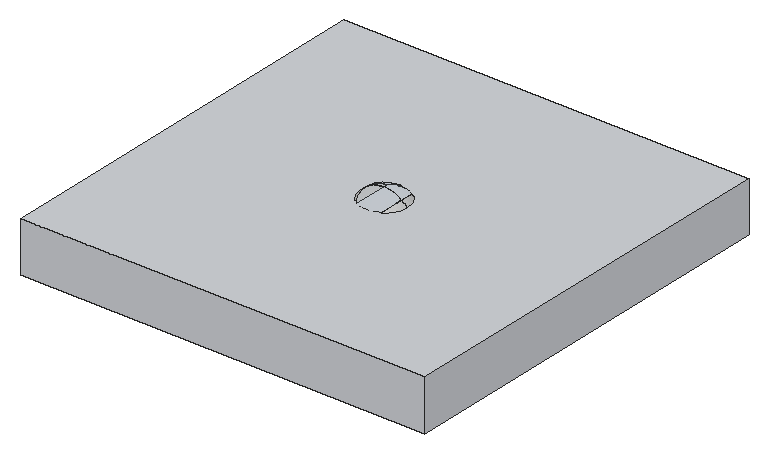
Revit family "GALAD Раунд LED", category Осветительные приборы, Revit 2018 (continued)
Types (3, lengths in mm): name | Файл фотометрической сетки | built-in parameter 1150142 | URL | IP | ADSK_Наименование краткое | ADSK_Наименование | ADSK_Марка | ADSK_Код изделия
    .63 283.44 275.38 266.96 257.81 248.42 238.29 227.80 216.57 204.86 192.78 180.21 167.16 153.98 140.68 126.89 113.23 99.68 86.63 74.18 62.47 51.61 41.73 33.19 25.62 19.16 13.79 9.39 6.10 3.66 1.95 1.10 0.49 0.24 0.00 0.00 0.00 0.00 0.00 0.12 0.12 0.12 0.12 0.12 0.00 0.00 0.12 0.12 0.12 0.12 0.12 0.12 0.12 0.12 0.12 0.12 0.00 0.00 0.00 0.00 0.00 0.00 \r\n332.61 329.68 327.85 326.26 324.19 321.63 318.09 313.82 308.69 303.20 297.10 290.63 283.07 275.14 266.72 257.69 247.93 238.17 227.31 215.96 204.13 192.17 179.85 166.91 153.61 140.07 126.77 113.35 99.81 86.63 74.18 62.35 51.61 41.97 33.31 25.62 19.16 13.79 9.39 5.98 3.66 2.07 1.10 0.49 0.24 0.00 0.00 0.00 0.00 0.00 0.12 0.12 0.12 0.12 0.12 0.00 0.00 0.12 0.12 0.12 0.12 0.12 0.12 0.12 0.12 0.12 0.12 0.00 0.00 0.00 0.00 0.00 0.00 \r\n332.61 329.68 327.97 326.38 324.43 321.87 318.45 314.31 309.55 303.93 297.71 291.12 283.44 275.87 267.57 258.18 248.30 238.54 227.55 216.21 204.62 192.54 179.97 166.79 153.25 139.83 126.04 112.25 98.71 85.65 73.21 61.49 50.76 41.00 32.46 24.89 18.55 13.30 9.03 5.73 3.42 1.95 0.98 0.49 0.24 0.00 0.00 0.00 0.00 0.00 0.12 0.12 0.12 0.12 0.12 0.00 0.00 0.12 0.12 0.12 0.12 0.12 0.12 0.12 0.12 0.12 0.12 0.00 0.12 0.00 0.00 0.00 0.00 \r\n332.61 329.80 328.21 326.75 324.92 322.60 319.31 315.40 310.77 305.28 298.93 292.46 284.90 276.85 268.55 259.16 249.27 239.27 228.41 217.06 205.23 193.02 180.70 167.65 154.47 141.05 127.14 113.35 99.93 86.63 74.06 62.35 51.49 41.61 32.94 25.26 18.79 13.42 9.03 5.73 3.42 1.83 0.98 0.49 0.24 0.00 0.00 0.00 0.00 0.00 0.12 0.12 0.12 0.12 0.12 0.00 0.00 0.12 0.12 0.12 0.12 0.12 0.12 0.12 0.12 0.12 0.00 0.00 0.12 0.00 0.00 0.00 0.00 \r\n332.61 329.92 328.46 327.24 325.65 323.46 320.28 316.50 311.50 306.13 300.15 293.20 285.63 277.70 269.16 259.89 250.13 239.88 228.77 217.31 205.96 193.63 180.95 167.65 154.35 141.05 127.26 113.47 99.93 86.87 74.18 62.35 51.49 41.73 33.07 25.38 18.91 13.54 9.15 5.86 3.54 1.95 0.98 0.49 0.24 0.00 0.00 0.00 0.00 0.00 0.12 0.12 0.12 0.12 0.12 0.00 0.00 0.00 0.00 0.00 0.12 0.12 0.12 0.12 0.12 0.00 0.00 0.00 0.12 0.00 0.00 0.00 0.00 \r\n332.61 330.04 328.82 327.85 326.38 324.07 320.77 316.99 312.11 306.74 300.52 293.69 286.12 277.95 269.65 260.13 250.37 240.00 229.14 217.67 205.96 193.76 180.95 167.77 154.35 140.92 127.26 113.59 100.17 87.12 74.55 62.71 51.73 41.85 33.19 25.62 19.03 13.67 9.27 5.98 3.54 1.95 0.98 0.49 0.24 0.00 0.00 0.00 0.00 0.00 0.12 0.12 0.12 0.12 0.12 0.00 0.00 0.00 0.00 0.00 0.00 0.00 0.12 0.12 0.12 0.00 0.00 0.00 0.12 0.12 0.00 0.00 0.00 \r\n332.61 330.04 329.07 328.46 326.87 324.43 321.02 317.11 312.35 306.62 300.40 293.44 286.12 278.31 269.53 260.01 250.13 240.12 229.51 217.92 205.84 193.63 181.07 168.13 154.71 141.29 127.50 113.84 100.17 87.12 74.67 62.84 51.98 42.09 33.31 25.62 19.16 13.67 9.39 5.98 3.54 1.95 1.10 0.49 0.24 0.12 0.00 0.00 0.00 0.00 0.12 0.12 0.12 0.12 0.12 0.00 0.00 0.00 0.00 0.00 0.00 0.00 0.00 0.12 0.00 0.00 0.00 0.00 0.00 0.12 0.00 0.00 0.00 \r\n332.61 330.17 329.31 328.82 327.24 324.55 321.02 317.11 312.35 306.37 300.27 293.32 285.75 277.95 269.40 260.01 250.13 240.00 229.02 217.55 206.08 193.76 181.07 168.13 154.83 141.29 127.87 114.08 100.42 87.48 74.79 62.84 51.98 42.22 33.31 25.62 19.16 13.79 9.52 6.10 3.66 2.07 1.10 0.49 0.24 0.12 0.00 0.00 0.00 0.00 0.12 0.12 0.12 0.12 0.12 0.00 0.00 0.00 0.00 0.00 0.00 0.00 0.00 0.00 0.00 0.00 0.00 0.00 0.00 0.12 0.00 0.00 0.00 \r\n332.61 330.29 329.56 329.07 327.36 324.55 321.02 316.99 311.99 306.25 300.40 293.32 285.63 277.46 269.28 259.89 250.00 239.76 228.77 217.55 205.96 193.63 180.95 167.65 154.47 141.17 127.50 113.84 100.29 87.12 74.55 62.71 51.86 42.09 33.43 25.87 19.40 13.91 9.64 6.22 3.78 2.07 1.10 0.49 0.24 0.12 0.00 0.00 0.00 0.00 0.12 0.12 0.12 0.12 0.12 0.00 0.00 0.00 0.00 0.00 0.00 0.00 0.00 0.00 0.00 0.00 0.00 0.00 0.00 0.12 0.00 0.00 0.00 \r\n332.61 330.41 329.68 329.19 327.36 324.43 321.02 316.87 311.87 306.37 300.27 293.32 285.63 277.70 269.16 259.77 249.76 239.51 228.65 217.55 205.71 193.39 180.82 167.89 154.59 141.05 127.38 113.84 100.42 87.36 74.79 63.08 52.22 42.34 33.68 25.99 19.40 13.91 9.64 6.22 3.78 2.20 1.10 0.61 0.24 0.12 0.00 0.00 0.00 0.00 0.12 0.12 0.12 0.12 0.00 0.00 0.00 0.00 0.00 0.00 0.00 0.00 0.00 0.00 0.00 0.00 0.00 0.00 0.00 0.12 0.00 0.00 0.00 \r\n332.61 330.53 329.92 329.19 327.36 324.43 320.89 316.75 311.74 306.50 300.15 292.95 285.75 277.82 269.04 259.77 249.76 239.39 228.65 217.31 205.71 193.51 180.82 167.89 154.47 141.05 127.50 113.96 100.29 87.12 74.67 62.84 52.10 42.34 33.55 25.99 19.52 14.15 9.76 6.34 3.90 2.20 1.22 0.61 0.24 0.12 0.00 0.00 0.00 0.00 0.12 0.12 0.12 0.12 0.00 0.00 0.00 0.00 0.00 0.00 0.00 0.00 0.00 0.00 0.00 0.00 0.00 0.00 0.00 0.00 0.00 0.00 0.00 \r\n332.61 330.66 330.04 329.19 327.36 324.43 320.89 316.75 311.74 306.25 300.03 293.08 285.63 277.58 268.92 259.64 249.76 239.51 228.65 217.31 205.59 193.51 180.82 167.77 154.47 140.92 127.50 113.84 100.54 87.48 74.92 63.32 52.47 42.70 33.92 26.23 19.64 14.15 9.76 6.34 3.90 2.20 1.22 0.61 0.24 0.12 0.00 0.00 0.00 0.00 0.12 0.12 0.12 0.12 0.00 0.00 0.00 0.00 0.00 0.00 0.00 0.00 0.00 0.00 0.00 0.00 0.00 0.00 0.00 0.00 0.00 0.00 0.00 \r\n332.61 330.66 330.17 329.19 327.24 324.43 320.77 316.75 311.87 306.25 300.03 293.08 285.51 277.46 268.79 259.64 249.76 239.39 228.77 217.31 205.35 193.15 180.70 167.77 154.59 141.05 127.38 113.72 100.42 87.36 74.92 63.20 52.34 42.58 33.92 26.23 19.77 14.40 10.01 6.47 4.03 2.32 1.22 0.61 0.24 0.12 0.00 0.00 0.00 0.00 0.00 0.12 0.12 0.12 0.00 0.00 0.00 0.00 0.00 0.00 0.00 0.00 0.00 0.00 0.00 0.00 0.00 0.00 0.00 0.00 0.00 0.00 0.00 \r\n332.61 330.78 330.29 329.31 327.12 324.43 321.02 316.87 311.74 306.01 299.91 292.83 285.39 277.58 268.67 259.52 249.88 239.39 228.65 217.31 205.23 193.15 180.58 167.65 154.47 141.05 127.38 113.72 100.42 87.61 75.28 63.45 52.59 42.83 34.04 26.35 19.89 14.40 10.01 6.59 4.03 2.32 1.22 0.61 0.24 0.12 0.00 0.00 0.00 0.00 0.00 0.12 0.12 0.00 0.00 0.00 0.00 0.00 0.00 0.00 0.00 0.00 0.00 0.00 0.00 0.00 0.00 0.00 0.00 0.00 0.00 0.00 0.00 \r\n332.61 330.90 330.41 329.31 327.12 324.43 321.02 316.75 311.50 306.01 299.79 292.83 285.39 277.58 268.79 259.40 249.76 239.27 228.65 217.18 205.47 193.51 180.82 167.65 154.35 140.92 127.38 113.72 100.42 87.24 74.79 63.20 52.59 42.83 34.16 26.48 20.01 14.64 10.13 6.71 4.15 2.44 1.34 0.61 0.37 0.12 0.00 0.00 0.00 0.00 0.00 0.12 0.12 0.00 0.00 0.00 0.00 0.00 0.00 0.00 0.00 0.00 0.00 0.00 0.00 0.00 0.00 0.00 0.00 0.00 0.00 0.00 0.00 \r\n332.61 330.90 330.41 329.31 327.12 324.31 320.77 316.75 311.74 306.01 299.79 293.08 285.51 277.34 268.79 259.40 249.52 239.02 228.29 217.06 205.35 193.27 180.46 167.52 154.35 140.92 127.38 113.96 100.54 87.61 75.16 63.57 52.71 42.95 34.29 26.60 20.01 14.64 10.25 6.83 4.27 2.44 1.34 0.73 0.37 0.12 0.00 0.00 0.00 0.00 0.00 0.12 0.12 0.00 0.00 0.00 0.00 0.00 0.00 0.00 0.00 0.00 0.00 0.00 0.00 0.00 0.00 0.00 0.00 0.00 0.00 0.00 0.00 \r\n332.61 331.02 330.53 329.31 327.12 324.31 320.53 316.50 311.87 305.89 299.66 292.95 285.27 277.09 268.55 259.40 249.52 239.02 228.29 217.06 205.23 192.90 180.34 167.52 154.22 140.80 127.38 113.84 100.54 87.48 75.16 63.45 52.71 43.07 34.41 26.72 20.13 14.76 10.25 6.83 4.27 2.44 1.34 0.73 0.37 0.12 0.00 0.00 0.00 0.00 0.00 0.12 0.12 0.00 0.00 0.00 0.00 0.00 0.00 0.00 0.00 0.00 0.00 0.00 0.00 0.00 0.00 0.00 0.00 0.00 0.00 0.00 0.00 \r\n332.61 331.02 330.53 329.31 327.12 324.19 320.53 316.50 311.87 305.76 299.42 292.71 284.90 276.85 268.43 259.16 249.39 239.02 228.16 216.82 204.98 192.78 180.46 167.52 154.22 140.68 127.26 113.84 100.42 87.61 75.40 63.81 53.08 43.31 34.65 26.96 20.38 14.89 10.37 6.95 4.27 2.56 1.34 0.73 0.37 0.12 0.00 0.00 0.00 0.00 0.00 0.12 0.12 0.00 0.00 0.00 0.00 0.00 0.00 0.00 0.00 0.00 0.00 0.00 0.00 0.00 0.00 0.00 0.00 0.00 0.00 0.00 0.00 \r\n332.61 331.14 330.53 329.31 327.12 324.19 320.65 316.38 311.50 305.64 299.30 292.71 285.02 276.85 268.31 258.91 249.03 238.90 227.92 216.45 204.86 192.78 180.21 167.28 154.10 140.68 127.14 113.72 100.29 87.36 74.92 63.45 52.83 43.31 34.65 27.09 20.50 15.01 10.62 7.08 4.39 2.56 1.46 0.73 0.37 0.12 0.00 0.00 0.00 0.00 0.00 0.12 0.12 0.00 0.00 0.00 0.00 0.00 0.00 0.00 0.00 0.00 0.00 0.00 0.00 0.00 0.00 0.00 0.00 0.00 0.00 0.00 0.00 \r\n332.61 331.27 330.53 329.31 327.12 324.19 320.53 316.14 311.25 305.64 299.30 292.59 285.02 276.73 268.18 258.79 248.66 238.54 227.80 216.21 204.62 192.41 179.97 167.04 153.86 140.68 127.14 113.59 100.29 87.61 75.28 63.69 53.08 43.44 34.77 27.09 20.62 15.13 10.62 7.08 4.51 2.68 1.46 0.73 0.37 0.12 0.00 0.00 0.00 0.00 0.00 0.12 0.12 0.00 0.00 0.00 0.00 0.00 0.00 0.00 0.00 0.00 0.00 0.00 0.00 0.00 0.00 0.00 0.00 0.00 0.00 0.00 0.00 \r\n332.61 331.27 330.53 329.19 326.99 324.07 320.65 316.26 311.38 305.52 299.18 292.22 285.02 276.73 268.06 258.91 248.91 238.66 227.80 216.33 204.74 192.41 179.97 167.16 153.86 140.31 126.77 113.35 100.05 87.36 75.04 63.45 52.95 43.31 34.77 27.21 20.74 15.25 10.74 7.20 4.51 2.68 1.46 0.73 0.37 0.12 0.00 0.00 0.00 0.00 0.00 0.12 0.00 0.00 0.00 0.00 0.00 0.00 0.00 0.00 0.00 0.00 0.00 0.00 0.00 0.00 0.00 0.00 0.00 0.00 0.00 0.00 0.00 \r\n332.61 331.27 330.66 329.19 326.87 324.07 320.77 316.26 311.38 305.52 299.05 292.22 285.02 276.85 268.06 258.79 248.91 238.90 227.92 216.57 204.62 192.41 179.97 167.28 154.10 140.56 127.14 113.84 100.66 87.85 75.65 64.06 53.32 43.68 35.02 27.45 20.86 15.25 10.86 7.32 4.64 2.81 1.59 0.85 0.37 0.12 0.00 0.00 0.00 0.00 0.00 0.00 0.00 0.00 0.00 0.00 0.00 0.00 0.00 0.00 0.00 0.00 0.00 0.00 0.00 0.00 0.00 0.00 0.00 0.00 0.00 0.00 0.00 \r\n332.61 331.39 330.66 329.19 326.99 324.07 320.41 316.01 311.38 305.64 299.05 292.22 285.02 276.85 268.18 258.79 248.91 238.78 227.92 216.57 204.74 192.54 179.85 166.91 153.86 140.56 127.02 113.47 100.29 87.36 75.28 63.81 53.20 43.56 35.02 27.45 20.99 15.50 10.98 7.32 4.64 2.81 1.59 0.85 0.37 0.12 0.00 0.00 0.00 0.00 0.00 0.00 0.00 0.00 0.00 0.00 0.12 0.00 0.00 0.00 0.00 0.00 0.00 0.00 0.00 0.00 0.00 0.00 0.00 0.00 0.00 0.00 0.00 \r\n332.61 331.39 330.66 329.19 326.99 324.19 320.41 316.01 311.38 305.64 299.05 292.22 284.78 276.73 267.94 258.42 248.66 238.41 227.68 216.33 204.49 192.41 179.85 166.91 153.86 140.44 127.14 113.84 100.66 87.85 75.65 64.18 53.56 43.92 35.26 27.57 20.99 15.50 10.98 7.44 4.76 2.81 1.59 0.85 0.37 0.12 0.00 0.00 0.00 0.00 0.00 0.00 0.00 0.00 0.00 0.00 0.12 0.12 0.12 0.00 0.00 0.00 0.00 0.00 0.00 0.00 0.00 0.00 0.00 0.00 0.00 0.00 0.00 \r\n332.61 331.51 330.66 329.19 326.99 324.19 320.53 316.26 311.38 305.52 299.05 292.22 284.53 276.48 267.82 258.42 248.66 238.41 227.55 216.33 204.62 192.41 179.73 166.91 153.86 140.31 126.89 113.59 100.29 87.48 75.28 63.81 53.32 43.68 35.26 27.70 21.23 15.74 11.10 7.56 4.76 2.93 1.59 0.85 0.37 0.12 0.00 0.00 0.00 0.00 0.00 0.00 0.00 0.00 0.00 0.12 0.12 0.12 0.12 0.00 0.00 0.00 0.00 0.00 0.00 0.00 0.00 0.00 0.00 0.00 0.00 0.00 0.00 \r\n332.61 331.51 330.66 329.19 326.99 324.19 320.53 316.26 311.25 305.52 299.18 292.22 284.53 276.48 267.82 258.55 248.66 238.29 227.43 216.21 204.49 192.17 179.60 166.67 153.61 140.31 127.02 113.72 100.42 87.61 75.53 64.18 53.56 44.05 35.38 27.82 21.23 15.74 11.23 7.56 4.88 2.93 1.71 0.85 0.49 0.12 0.00 0.00 0.00 0.00 0.00 0.00 0.00 0.00 0.00 0.12 0.12 0.12 0.12 0.00 0.00 0.00 0.00 0.00 0.00 0.00 0.00 0.00 0.00 0.00 0.00 0.00 0.00 \r\n332.61 331.51 330.66 329.19 326.99 324.19 320.53 316.01 311.01 305.40 299.05 292.10 284.66 276.48 267.57 258.30 248.42 238.17 227.31 215.96 204.25 192.05 179.60 166.67 153.49 140.31 126.77 113.35 100.29 87.48 75.28 63.93 53.44 43.92 35.38 27.94 21.35 15.74 11.23 7.69 4.88 2.93 1.71 0.85 0.37 0.12 0.00 0.00 0.00 0.00 0.00 0.00 0.00 0.00 0.12 0.12 0.12 0.12 0.12 0.00 0.00 0.00 0.00 0.00 0.00 0.00 0.00 0.00 0.00 0.00 0.00 0.00 0.00 \r\n332.61 331.63 330.66 329.19 326.87 324.19 320.41 316.01 311.01 305.28 299.05 292.10 284.41 276.12 267.45 258.18 248.42 238.05 227.07 215.84 204.01 191.80 179.36 166.55 153.49 140.07 126.65 113.47 100.42 87.61 75.53 64.06 53.56 44.05 35.51 27.94 21.35 15.86 11.23 7.69 4.88 2.93 1.71 0.85 0.37 0.12 0.00 0.00 0.00 0.00 0.00 0.00 0.00 0.00 0.12 0.12 0.12 0.12 0.00 0.00 0.00 0.00 0.00 0.00 0.00 0.00 0.00 0.00 0.00 0.00 0.00 0.00 0.00 \r\n332.61 331.63 330.66 329.19 326.75 324.07 320.28 315.89 311.01 305.15 298.93 292.22 284.41 275.99 267.45 258.30 248.54 238.05 227.19 215.96 204.01 191.93 179.36 166.55 153.37 139.95 126.65 113.35 100.17 87.48 75.28 63.93 53.44 43.92 35.38 27.82 21.35 15.98 11.35 7.69 5.00 3.05 1.71 0.85 0.37 0.12 0.00 0.00 0.00 0.00 0.00 0.00 0.00 0.00 0.12 0.12 0.12 0.12 0.00 0.00 0.00 0.00 0.00 0.00 0.00 0.00 0.00 0.00 0.00 0.00 0.00 0.00 0.00 \r\n332.61 331.75 330.66 329.07 326.75 323.94 320.04 315.65 310.89 305.15 298.69 291.73 284.05 275.87 267.33 257.94 248.17 237.68 226.94 215.72 203.88 191.56 179.11 166.30 153.25 139.95 126.53 113.23 100.05 87.48 75.40 64.06 53.44 43.92 35.51 28.06 21.60 16.11 11.47 7.81 5.00 2.93 1.59 0.73 0.37 0.12 0.00 0.00 0.00 0.00 0.00 0.00 0.00 0.00 0.12 0.12 0.12 0.00 0.00 0.00 0.00 0.00 0.00 0.00 0.00 0.00 0.00 0.00 0.00 0.00 0.00 0.00 0.00 \r\n332.61 331.75 330.66 329.07 326.75 323.82 320.04 315.65 310.77 305.03 298.57 291.49 284.05 275.99 267.45 257.94 248.05 237.56 226.70 215.35 203.76 191.80 179.11 166.30 153.13 139.95 126.53 113.11 100.05 87.36 75.16 63.93 53.32 43.68 35.38 28.06 21.47 15.98 11.47 7.69 4.88 2.81 1.46 0.73 0.37 0.12 0.00 0.00 0.00 0.00 0.00 0.00 0.00 0.00 0.12 0.12 0.12 0.00 0.00 0.00 0.00 0.00 0.00 0.00 0.00 0.00 0.00 0.00 0.00 0.00 0.00 0.00 0.00 \r\n332.61 331.75 330.53 329.07 326.63 323.82 320.16 315.89 310.77 304.79 298.44 291.49 284.17 275.75 267.09 257.69 247.93 237.56 226.70 215.47 203.64 191.56 178.99 166.18 153.00 139.70 126.28 113.11 99.93 87.12 75.16 63.81 53.44 43.80 35.38 27.94 21.60 15.98 11.47 7.81 4.88 2.81 1.46 0.73 0.24 0.12 0.00 0.00 0.00 0.00 0.00 0.00 0.00 0.00 0.00 0.00 0.00 0.00 0.00 0.00 0.00 0.00 0.00 0.00 0.00 0.00 0.00 0.00 0.00 0.00 0.00 0.00 0.00 \r\n332.61 331.88 330.53 328.95 326.63 323.70 320.28 315.89 310.77 304.79 298.32 291.37 284.05 275.75 266.96 257.57 247.69 237.44 226.70 215.23 203.40 191.19 178.87 166.06 152.88 139.58 126.16 112.98 99.93 87.36 75.28 63.93 53.56 43.92 35.38 27.94 21.47 15.86 11.35 7.44 4.51 2.44 1.34 0.61 0.24 0.12 0.00 0.00 0.00 0.00 0.00 0.00 0.00 0.00 0.00 0.00 0.00 0.00 0.00 0.00 0.00 0.00 0.00 0.00 0.00 0.00 0.00 0.00 0.00 0.00 0.00 0.00 0.00 \r\n332.61 331.88 330.53 328.95 326.75 323.58 320.16 315.77 310.64 304.79 298.20 291.24 283.68 275.63 266.96 257.69 247.56 236.95 226.46 215.11 203.40 191.07 178.63 165.69 152.52 139.22 125.92 112.62 99.68 87.12 75.16 63.93 53.56 44.05 35.63 28.06 21.47 15.86 11.23 7.32 4.27 2.32 1.10 0.49 0.24 0.12 0.00 0.00 0.00 0.00 0.00 0.00 0.00 0.00 0.00 0.00 0.00 0.00 0.00 0.00 0.00 0.00 0.00 0.00 0.00 0.00 0.00 0.00 0.00 0.00 0.00 0.00 0.00 \r\n332.61 332.00 330.53 328.95 326.87 323.70 320.16 315.65 310.52 304.79 298.20 291.12 283.31 275.38 266.72 257.45 247.44 236.83 226.21 214.99 203.03 191.07 178.50 165.57 152.52 139.34 126.04 112.74 99.68 87.00 74.92 63.69 53.56 44.17 35.63 28.06 21.47 15.74 10.86 6.71 3.66 1.95 0.98 0.49 0.24 0.12 0.00 0.00 0.00 0.00 0.00 0.00 0.00 0.00 0.00 0.00 0.00 0.00 0.00 0.00 0.00 0.00 0.00 0.00 0.00 0.00 0.00 0.00 0.00 0.00 0.00 0.00 0.00 \r\n332.61 332.00 330.53 328.95 326.87 323.70 320.04 315.65 310.52 304.79 298.20 291.12 283.44 275.38 266.48 257.20 247.32 236.83 225.97 214.74 203.15 190.95 178.50 165.69 152.39 138.97 125.67 112.37 99.44 86.75 74.67 63.57 53.32 44.05 35.75 28.18 21.60 15.74 10.62 6.34 3.05 1.59 0.98 0.49 0.24 0.12 0.00 0.00 0.00 0.00 0.00 0.00 0.00 0.00 0.00 0.00 0.00 0.00 0.00 0.00 0.00 0.00 0.00 0.00 0.00 0.00 0.00 0.00 0.00 0.00 0.00 0.00 0.00 \r\n332.61 332.00 330.53 328.95 326.87 323.58 319.80 315.65 310.28 304.42 298.20 291.24 283.80 275.38 266.48 257.20 247.20 236.58 225.85 214.62 203.15 190.95 178.14 165.33 152.39 139.09 125.67 112.50 99.44 86.87 74.92 63.57 53.32 44.29 35.87 28.06 21.47 15.50 9.64 4.88 2.81 1.71 0.98 0.49 0.24 0.12 0.00 0.00 0.00 0.00 0.00 0.00 0.00 0.00 0.00 0.00 0.00 0.00 0.00 0.00 0.00 0.00 0.00 0.00 0.00 0.00 0.00 0.00 0.00 0.00 0.00 0.00 0.00 \r\n332.61 33
